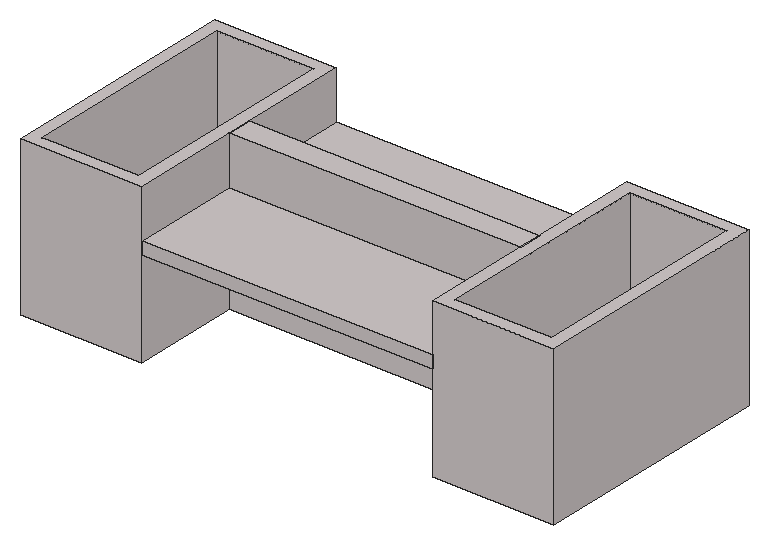
Revit family
Parameters (values of type "1200 mm")
  Planter Material = Precast Concrete
  Length-Planter = 500 mm
  Length = 1200 mm
Types (4, lengths in mm): name | Length
  (no name) | 1200
  1200 mm | 1200
  1500 mm | 1500
  1800 mm | 1800
Reference planes
  plane 1 "Center (Front/Back)": y = 0
  plane 2: z = 0
  plane 3 "Center (Left/Right)": x = 0
  plane 4: x = -600
  plane 5: x = 600
  plane 6: x = 1100
  plane 7: x = -1100
  plane 8: y = 500
  plane 9: y = -500
  plane 10: z = 650
Forms (mm)
  Extrusion 1, solid, material "Precast Concrete" <- "Planter Material"
    sketch origin (0, 0, 0) x (1, 0, 0) y (0, 1, 0)
      loop
        line (1100, 500) -> (600, 500) -> (600, -500) -> (1100, -500) -> (1100, 500)
      loop
        line (1050, 450) -> (650, 450) -> (650, -450) -> (1050, -450) -> (1050, 450)
      loop
        line (-1100, 500) -> (-1100, -500) -> (-600, -500) -> (-600, 500) -> (-1100, 500)
      loop
        line (-1050, 450) -> (-1050, -450) -> (-650, -450) -> (-650, 450) -> (-1050, 450)
    from 0 to 650
  Extrusion 2, solid, material "Precast Concrete" <- "Planter Material"
    sketch origin (0, 0, 0) x (1, 0, 0) y (0, 1, 0)
      loop
        line (-600, 50) -> (-600, -50) -> (600, -50) -> (600, 50) -> (-600, 50)
    from 0 to 650
  Extrusion 3, solid, material "Precast Concrete" <- "Planter Material"
    sketch origin (0, 0, 0) x (1, 0, 0) y (0, 1, 0)
      loop
        line (-600, -50) -> (-600, -500) -> (600, -500) -> (600, -50) -> (-600, -50)
      loop
        line (-600, 500) -> (-600, 50) -> (600, 50) -> (600, 500) -> (-600, 500)
    from 400 to 450
Lines and regions (mm)
  symbolic lines
    curve 1: line (-1100, 500, 0) -> (-600, 500, 0)
    curve 2: line (-1100, -500, 0) -> (-1100, 500, 0)
    curve 3: line (-600, -500, 0) -> (-1100, -500, 0)
    curve 4: line (-600, 500, 0) -> (-600, -500, 0)
    curve 5: line (-1050, 450, 0) -> (-650, 450, 0)
    curve 6: line (-1050, -450, 0) -> (-1050, 450, 0)
    curve 7: line (-650, -450, 0) -> (-1050, -450, 0)
    curve 8: line (-650, 450, 0) -> (-650, -450, 0)
    curve 9: line (650, 450, 0) -> (1050, 450, 0)
    curve 10: line (650, -450, 0) -> (650, 450, 0)
    curve 11: line (1050, -450, 0) -> (650, -450, 0)
    curve 12: line (1050, 450, 0) -> (1050, -450, 0)
    curve 13: line (600, 500, 0) -> (1100, 500, 0)
    curve 14: line (600, -500, 0) -> (600, 500, 0)
    curve 15: line (1100, -500, 0) -> (600, -500, 0)
    curve 16: line (1100, 500, 0) -> (1100, -500, 0)
    curve 17: line (-600, 50, 0) -> (600, 50, 0)
    curve 18: line (-600, -50, 0) -> (-600, 50, 0)
    curve 19: line (600, -50, 0) -> (-600, -50, 0)
    curve 20: line (600, 50, 0) -> (600, -50, 0)
    curve 21: line (600, 500, 0) -> (-600, 500, 0)
    curve 22: line (-600, -500, 0) -> (600, -500, 0)
Dimensions and locks
  equal spacing: plane 4, plane 3 "Center (Left/Right)", plane 5
  "Length": plane 4 to plane 5
  "Length-Planter": plane 5 to plane 6
  "Length-Planter": plane 7 to plane 4
  locked: plane 9 to plane 8 at 1000
  plane 10 to level = 650 mm
  aligned and locked: Extrusion 2 to Extrusion 3 sketch curve
  aligned and locked: Extrusion 3 sketch curve to Extrusion 2  (x3)
  aligned and locked: Extrusion 3 sketch curve to Extrusion 1  (x2)
  aligned and locked: Extrusion 1 to Extrusion 3 sketch curve  (x2)
  aligned and locked: Extrusion 1 to plane 4
  aligned and locked: Extrusion 3 to plane 5
  aligned and locked: Extrusion 1 to plane 6
  aligned and locked: plane 7 to Extrusion 1
  aligned and locked: plane 8 to Extrusion 3
  aligned and locked: Extrusion 3 to plane 9
  aligned and locked: plane 10 to Extrusion 2
Automatic sketch dimensions
  Extrusion 1 sketch curve to plane 7 = 0 mm
  Extrusion 1 sketch curve to plane 4 = 0 mm
  Extrusion 1 sketch curve to plane 5 = 0 mm
  Extrusion 1 sketch curve to plane 6 = 0 mm
  plane 7 to Extrusion 1 sketch curve = 50 mm
  Extrusion 1 sketch curve to plane 4 = 50 mm
  plane 5 to Extrusion 1 sketch curve = 50 mm
  Extrusion 1 sketch curve to plane 6 = 50 mm
  plane 1 "Center (Front/Back)" to Extrusion 1 sketch curve = 500 mm  (x2)
  Extrusion 1 sketch curve to Extrusion 1 sketch curve = 50 mm  (x4)
  Extrusion 1 sketch curve to plane 1 "Center (Front/Back)" = 450 mm  (x2)
  Extrusion 2 sketch curve to plane 4 = 0 mm
  Extrusion 2 sketch curve to plane 5 = 0 mm
  plane 1 "Center (Front/Back)" to Extrusion 2 sketch curve = 50 mm
  Extrusion 2 sketch curve to plane 1 "Center (Front/Back)" = 50 mm
  curve 1 to plane 7 = 0 mm
  curve 3 to plane 4 = 0 mm
  curve 18 to plane 4 = 0 mm
  curve 20 to plane 5 = 0 mm
  curve 13 to plane 5 = 0 mm
  curve 16 to plane 6 = 0 mm
  curve 22 to plane 9 = 0 mm
  curve 4 to plane 8 = 0 mm
  plane 7 to curve 7 = 50 mm
  curve 8 to plane 4 = 50 mm
  plane 5 to curve 10 = 50 mm
  curve 11 to plane 6 = 50 mm
  curve 6 to plane 9 = 50 mm
  curve 10 to plane 9 = 50 mm
  plane 1 "Center (Front/Back)" to curve 18 = 50 mm
  curve 17 to plane 1 "Center (Front/Back)" = 50 mm
  plane 8 to curve 9 = 50 mm
  plane 8 to curve 8 = 50 mm
